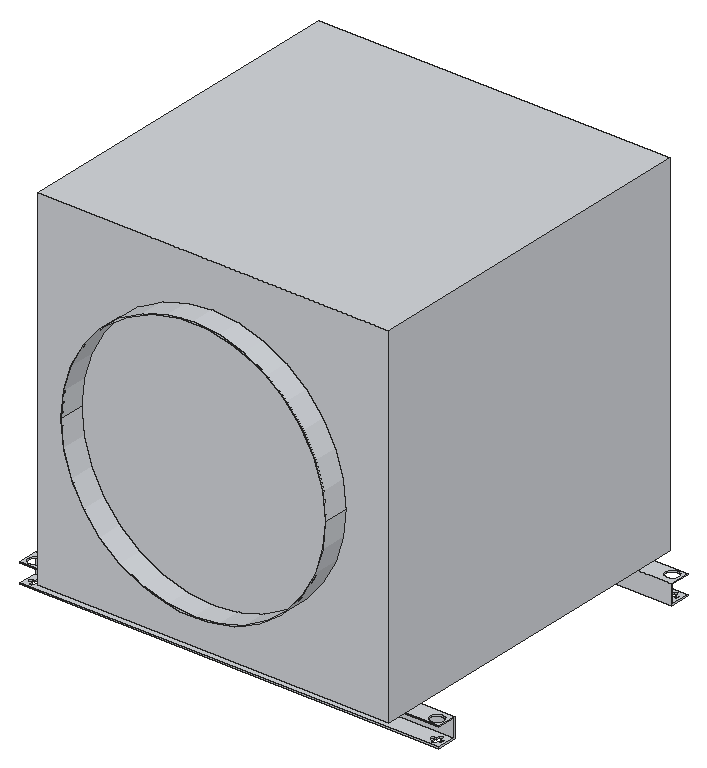
Revit family "BOX RL", category Modelos genéricos, Revit 2017
Family settings
  Puede alojar armadura = No
  Cota de conector redondo = Diámetro de uso
  Tipo de pieza = Normal
  Se basa en plano de trabajo = No
  Siempre vertical = Sí
  Corte con vacíos al cargar = No
  Compartido = No
  Punto de cálculo de habitación = No
Parameters (values of type "BOX RL 800")
  material = none
  f = F - 2 * esp  # 795 mm
  esp = 1.5 mm
  dNOM = F + 2 mm  # 800 mm
  a = (B - D) / 2  # 54 mm
  URL = "www.casals.com"
  L = 817 mm
  HPeu = 60 mm
  H = 1262 mm
  G = 74 mm
  Fabricante = "Casals Ventilación"
  F = 798 mm
  EspPeu = 3 mm
  Dimensiones = "1262x1120x1134"
  D = 952 mm
  B = 1060 mm
  A = 1060 mm
Types (8, lengths in mm): name | f | dNOM | a | L | H | F | Dimensiones | D | B | A
  (no name) | 795 | 800 | 54 | 817 | 1262 | 798 | "1262x1120x1134" | 952 | 1060 | 1060
  BOX RL 400 | 395 | 400 | 52 | 558.5 | 1002 | 398 | "1002x860x874" | 696 | 800 | 800
  BOX RL 450 | 445 | 450 | 52 | 558.5 | 1002 | 448 | "1002x860x874" | 696 | 800 | 800
  BOX RL 500 | 495 | 500 | 52 | 683 | 1127 | 498 | "1127x985x999" | 821 | 925 | 925
  BOX RL 560 | 545 | 550 | 52 | 683 | 1127 | 548 | "1127x985x999" | 821 | 925 | 925
  BOX RL 630 | 625 | 630 | 54 | 758 | 1203 | 628 | "1203x1060x1074" | 892 | 1000 | 1000
  BOX RL 710 | 695 | 700 | 54 | 758 | 1203 | 698 | "1203x1060x1074" | 892 | 1000 | 1000
  BOX RL 800 | 795 | 800 | 54 | 817 | 1262 | 798 | "1262x1120x1134" | 952 | 1060 | 1060
Reference planes
  plane 1 "Centro (Frontal/Posterior)": y = 0
  plane 2: z = -8
  plane 3 "Centro (Izquierda/Derecha)": x = 0
  plane 4: z = 52
  plane 5: z = 1112
  plane 6: x = -530
  plane 7: x = 530
  plane 8: x = -631
  plane 9: x = 631
  plane 10: z = 1058
  plane 11: z = 106
  plane 12: x = -476
  plane 13: x = 476
  plane 14: y = -530
  plane 15: y = 530
  plane 16: y = 476
  plane 17: z = 582
  plane 18: y = -604
  plane 19: y = -408.5
  plane 20: y = 408.5
  plane 21: z = 49
  plane 22: z = -5
  plane 23: y = -468.5
  plane 24: y = -411.5
  plane 25: y = 411.5
  plane 26: z = -5
  plane 27: z = 49
  plane 28: y = 468.5
  plane 29: y = 443.5
  plane 30: y = -443.5
  plane 31: x = -606
  plane 32: x = 606
Forms (mm)
  Extrusion 1, solid, material <- "material"
    sketch origin (0, 0, 0) x (1, 0, 0) y (0, 0, 1)
      loop
        line (-530, 1112) -> (-530, 52) -> (530, 52) -> (530, 1112) -> (-530, 1112)
    from -530 to 530
  Extrusion 2, void
    sketch origin (0, 0, 0) x (1, 0, 0) y (0, 0, 1)
      loop
        line (-476, 1058) -> (-476, 106) -> (476, 106) -> (476, 1058) -> (-476, 1058)
    from -530 to -476
  Extrusion 3, solid, material <- "material"
    sketch origin (0, 0, 0) x (1, 0, 0) y (0, 0, 1)
      loop
        circle (0, 582) r 399
      loop
        circle (0, 582) r 397.5
    from 530 to 604
  Extrusion 4, solid, material <- "material"
    sketch origin (0, 0, 0) x (0, 1, 0) y (0, 0, 1)
      loop
        line (-468.5, 49) -> (-411.5, 49) -> (-411.5, -5) -> (-468.5, -5) -> (-468.5, -8) -> (-408.5, -8) -> (-408.5, 52) -> (-468.5, 52) -> (-468.5, 49)
    from -631 to 631
  Extrusion 5, solid, material <- "material"
    sketch origin (0, 0, 0) x (0, 1, 0) y (0, 0, 1)
      loop
        line (411.5, 49) -> (468.5, 49) -> (468.5, 52) -> (408.5, 52) -> (408.5, -8) -> (468.5, -8) -> (468.5, -5) -> (411.5, -5) -> (411.5, 49)
    from -631 to 631
  Extrusion 6, void
    sketch origin (0, 0, -8) x (1, 0, 0) y (0, 1, 0)
      loop
        circle (-606, 443.5) r 20
      loop
        circle (-606, -443.5) r 20
      loop
        circle (606, 443.5) r 20
      loop
        circle (606, -443.5) r 20
    from 60 to 57
Cuts and joins
  Extrusion 2 cuts Extrusion 1
  Extrusion 6 cuts Extrusion 4
  Extrusion 6 cuts Extrusion 5
Dimensions and locks
  "HPeu": plane 4 to plane 2
  "B": plane 5 to plane 4
  equal spacing: plane 7, plane 3 "Centro (Izquierda/Derecha)", plane 6
  equal spacing: plane 9, plane 3 "Centro (Izquierda/Derecha)", plane 8
  equal spacing: plane 14, plane 1 "Centro (Frontal/Posterior)", plane 15
  "H": plane 9 to plane 8
  "A": plane 7 to plane 6
  "D": plane 13 to plane 12
  equal spacing: plane 13, plane 3 "Centro (Izquierda/Derecha)", plane 12
  "a": plane 5 to plane 10
  "a": plane 11 to plane 4
  equal spacing: plane 10, plane 17, plane 11
  "a": plane 16 to plane 15
  "G": plane 18 to plane 14
  equal spacing: plane 19, plane 1 "Centro (Frontal/Posterior)", plane 20
  "L": plane 19 to plane 20
  "A": plane 14 to plane 15
  "EspPeu": plane 4 to plane 21
  "EspPeu": plane 22 to plane 2
  "EspPeu": plane 24 to plane 19
  locked: plane 23 to plane 19 at 60
  "EspPeu": plane 26 to plane 2
  "EspPeu": plane 20 to plane 25
  "EspPeu": plane 4 to plane 27
  plane 20 to plane 28 = 60 mm
  plane 29 to plane 20 = 35 mm
  plane 19 to plane 30 = 35 mm
  plane 8 to plane 31 = 25 mm
  plane 32 to plane 9 = 25 mm
  "F": diameter of Extrusion 3 sketch curve
  "f": diameter of Extrusion 3 sketch curve
  aligned and locked: plane 2 to level
  aligned and locked: Extrusion 1 sketch curve to plane 5
  aligned and locked: plane 4 to Extrusion 1 sketch curve
  aligned and locked: Extrusion 1 sketch curve to plane 7
  aligned and locked: Extrusion 2 sketch curve to plane 10
  aligned and locked: plane 11 to Extrusion 2 sketch curve
  aligned and locked: Extrusion 2 sketch curve to plane 13
  aligned and locked: cut or joined group of Extrusion 1, Extrusion 2 to plane 14
  aligned and locked: plane 15 to cut or joined group of Extrusion 1, Extrusion 2  (x2)
  aligned and locked: cut or joined group of Extrusion 1, Extrusion 2 to plane 16
  aligned and locked: Extrusion 3 to plane 18
  aligned and locked: Extrusion 3 to cut or joined group of Extrusion 1, Extrusion 2
  aligned and locked: plane 9 to Extrusion 4
  aligned and locked: Extrusion 4 to plane 8
  aligned and locked: plane 9 to Extrusion 5
  aligned and locked: Extrusion 5 to plane 8
  aligned and locked: nested 1 to plane 31
  aligned and locked: plane 30 to nested 1
  aligned and locked: plane 31 to nested 3
  aligned and locked: plane 29 to nested 3
  aligned and locked: plane 32 to nested 4
  aligned and locked: nested 4 to plane 29
  aligned and locked: nested 2 to plane 32
  aligned and locked: nested 2 to plane 30
Automatic sketch dimensions
  Extrusion 1 sketch curve to plane 6 = 0 mm
  plane 12 to Extrusion 2 sketch curve = 0 mm
  Extrusion 6 sketch curve to plane 30 = 0 mm  (x2)
  Extrusion 6 sketch curve to plane 31 = 0 mm  (x2)
  Extrusion 6 sketch curve to plane 29 = 0 mm  (x2)
  Extrusion 6 sketch curve to plane 32 = 0 mm  (x2)
  Extrusion 3 sketch curve to Extrusion 3 sketch curve = 0 mm  (x2)
  Extrusion 3 sketch curve to plane 3 "Centro (Izquierda/Derecha)" = 0 mm
  Extrusion 3 sketch curve to plane 17 = 0 mm
  Extrusion 4 sketch curve to plane 21 = 0 mm
  Extrusion 4 sketch curve to plane 23 = 0 mm  (x2)
  Extrusion 4 sketch curve to plane 22 = 0 mm
  Extrusion 4 sketch curve to plane 24 = 0 mm
  Extrusion 4 sketch curve to plane 4 = 0 mm
  Extrusion 4 sketch curve to plane 19 = 0 mm
  Extrusion 4 sketch curve to level = 0 mm
  Extrusion 5 sketch curve to level = 0 mm
  Extrusion 5 sketch curve to plane 20 = 0 mm
  Extrusion 5 sketch curve to plane 25 = 0 mm
  Extrusion 5 sketch curve to plane 28 = 0 mm  (x2)
  Extrusion 5 sketch curve to plane 4 = 0 mm
  plane 26 to Extrusion 5 sketch curve = 0 mm
  plane 27 to Extrusion 5 sketch curve = 0 mm
  radius of Extrusion 6 sketch curve = 20 mm  (x4)
Nested families
  nested 1: "FORAT CREU" at (-606, -443.5, -5) x (0, 1, 0) z (0, 0, 1), type "FORAT CREU"
    with fONDO -3 mm
  nested 2: "FORAT CREU" at (606, -443.5, -5) x (0, 1, 0) z (0, 0, 1), type "FORAT CREU"
    with fONDO -3 mm
  nested 3: "FORAT CREU" at (-606, 443.5, -5) x (0, 1, 0) z (0, 0, 1), type "FORAT CREU"
    with fONDO -3 mm
  nested 4: "FORAT CREU" at (606, 443.5, -5) x (0, 1, 0) z (0, 0, 1), type "FORAT CREU"
    with fONDO -3 mm
Connectors
  hvac at (0, -604, 582), driven by "dNOM"
    settings: on Extrusion 3, index 1, duct flow 0.0 L/s, flow factor 0, pres drop 0.0 Pa, loss coef 0, conn angle 0.00°, conn width 304.8 mm, conn height 304.8 mm, conn diameter 800 mm, duct sys type 1, conn prof type 0, flow config 0, flow direction 1, loss method 0, conn ref index -1, conn util no, is conn primary yes, conn desc ""
  hvac at (0, 530, 582), driven by "D", driven by "D"
    settings: on cut or joined group of Extrusion 1, Extrusion 2, index 2, duct flow 0.0 L/s, flow factor 0, pres drop 0.0 Pa, loss coef 0, conn angle 0.00°, conn width 952 mm, conn height 952 mm, conn diameter 609.6 mm, duct sys type 1, conn prof type 1, flow config 0, flow direction 2, loss method 0, conn ref index -1, conn util no, is conn primary no, conn desc ""
Definition of nested family "FORAT CREU"
  Parameters (values of type "FORAT CREU")
    fONDO [instance] = -304.8 mm
    Default Elevation = 1219.2 mm
    B = 25 mm
    A = 11 mm
  Reference planes
    plane 1 "Centro (Frontal/Posterior)": y = 0
    plane 2: z = 0
    plane 3 "Centro (Izquierda/Derecha)": x = 0
    plane 4: x = -5.5
    plane 5: x = 5.5
    plane 6: x = -12.5
    plane 7: x = 12.5
    plane 8: y = 5.5
    plane 9: y = 12.5
    plane 10: y = -5.5
    plane 11: y = -12.5
  Forms (mm)
    Extrusion 1, solid
      sketch origin (0, 0, 0) x (1, 0, 0) y (0, 1, 0)
        loop
          line (-1219.2, 1219.2) -> (-1219.2, -1219.2) -> (1219.2, -1219.2) -> (1219.2, 1219.2) -> (-1219.2, 1219.2)
      from 0 to -304.8
    Extrusion 2, void
      sketch origin (0, 0, 0) x (1, 0, 0) y (0, 1, 0)
        loop
          arc (5.5, 12.5) -> (0, 18) -> (-5.5, 12.5) r 5.5
          line (-5.5, 12.5) -> (-5.5, 5.5) -> (-12.5, 5.5)
          arc (-12.5, 5.5) -> (-18, 0) -> (-12.5, -5.5) r 5.5
          line (-12.5, -5.5) -> (-5.5, -5.5) -> (-5.5, -12.5)
          arc (-5.5, -12.5) -> (0, -18) -> (5.5, -12.5) r 5.5
          line (5.5, -12.5) -> (5.5, -5.5) -> (12.5, -5.5)
          arc (12.5, -5.5) -> (18, 0) -> (12.5, 5.5) r 5.5
          line (12.5, 5.5) -> (5.5, 5.5) -> (5.5, 12.5)
      from -304.8 <- "fONDO" to 0
  Dimensions and locks
    equal spacing: plane 4, plane 3 "Centro (Izquierda/Derecha)", plane 5
    equal spacing: plane 6, plane 3 "Centro (Izquierda/Derecha)", plane 7
    equal spacing: plane 8, plane 1 "Centro (Frontal/Posterior)", plane 10
    equal spacing: plane 9, plane 1 "Centro (Frontal/Posterior)", plane 11
    "A": plane 4 to plane 5
    "B": plane 6 to plane 7
    "A": plane 8 to plane 10
    "B": plane 9 to plane 11
    Extrusion 2 to plane 1 "Centro (Frontal/Posterior)" = 5.5 mm
    aligned and locked: plane 2 to Extrusion 1
    aligned and locked: level to Extrusion 1
    aligned and locked: level to Extrusion 2
  Automatic sketch dimensions
    Extrusion 1 sketch curve to Extrusion 1 sketch curve = 2438.4 mm  (x2)
    plane 1 "Centro (Frontal/Posterior)" to Extrusion 2 sketch curve = 0 mm  (x2)
    Extrusion 2 sketch curve to plane 6 = 0 mm  (x2)
    Extrusion 2 sketch curve to plane 4 = 0 mm
    Extrusion 2 sketch curve to plane 3 "Centro (Izquierda/Derecha)" = 0 mm  (x2)
    Extrusion 2 sketch curve to plane 5 = 0 mm
    Extrusion 2 sketch curve to plane 7 = 0 mm  (x2)
    Extrusion 2 sketch curve to plane 11 = 0 mm  (x2)
    Extrusion 2 sketch curve to plane 10 = 0 mm
    Extrusion 2 sketch curve to plane 9 = 0 mm  (x2)
    Extrusion 2 sketch curve to plane 8 = 0 mm
